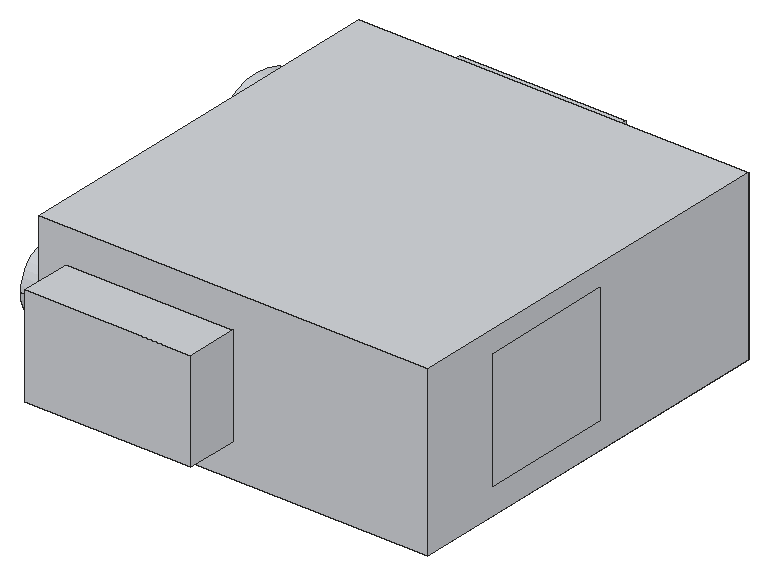
Revit family "2866995f801b47318b61aad0f868fc0e", category Mechanical Equipment, Revit 2021
Family settings
  Round Connector Dimension = Use Radius
  Part Type = Normal
  OmniClass Number = 23.75.70.21.24.14
  OmniClass Title = Variable Volume Air Terminal Units
  Seek Item ID = Terminal Unit - Fan Powered - Digital Controlled - IAQ-0000-USA-ENU
  Work Plane-Based = No
  Always vertical = Yes
  Cut with Voids When Loaded = No
  Shared = No
  Room Calculation Point = No
Parameters (values of type "Unit Size 7")
  Width = 4' - 0 1/8"
  Voltage = 208 V
  Unit Pressure Drop [instance] = 0.15 in-wg
  Supply Airflow [instance] = 2400 CFM
  Primary Air Airflow [instance] = Supply Airflow * 0.5  # 1200 CFM
  Poles = 3
  Load Classification = Cooling
  Load = 2800.0 VA
  Length = 3' - 10 7/8"
  Induced Air Airflow [instance] = Supply Airflow * 0.4  # 960 CFM
  IAQ Air Airflow [instance] = Supply Airflow * 0.1  # 240 CFM
  Height = 1' - 8 1/8"
  HP = 1.000 VA
  Dimension R = 0' - 10"
  Dimension P = 0' - 5 1/2"
  Dimension N = 0' - 6 7/8"
  Dimension M = 0' - 11"
  Dimension K = 0' - 2 1/2"
  Dimension J = 1' - 2 1/2"
  Dimension G = 0' - 9 1/2"
  Dimension F = 1' - 4 1/2"
  Dimension E = 1' - 5 1/2"
  Dimension D2 Radius = Dimension D2 Diameter / 2  # 4"
  Dimension D2 Diameter = 8"
  Dimension D Radius = Dimension D Diameter / 2  # 8"
  Dimension D Diameter = 16"
  Dimension C = 1' - 6 1/8"
  Dimension B = 0' - 10 1/8"
  Dimension A = 0' - 11"
  Default Elevation = 0' - 0"
  Assembly Code = ""
Types (5): name | Width | Voltage | Unit Pressure Drop | Supply Airflow | Primary Air Airflow | Poles | Load | Length | Induced Air Airflow | IAQ Air Airflow | Height | HP | Dimension R | Dimension P | Dimension N | Dimension M | Dimension K | Dimension J | Dimension G | Dimension F | Dimension E | Dimension D2 Radius | Dimension D2 Diameter | Dimension D Radius | Dimension D Diameter | Dimension C | Dimension B | Dimension A
  Unit Size 3 | 3' - 0 1/8" | 115 V | 0.19 in-wg | 900 CFM | 450 CFM | 1 | 500.0 VA | 3' - 4 7/8" | 360 CFM | 90 CFM | 1' - 5 1/8" | 0.167 VA | 0' - 8 1/2" | 0' - 5" | 0' - 2 7/8" | 0' - 8 3/4" | 0' - 4" | 0' - 11" | 0' - 3 1/2" | 1' - 2" | 1' - 2 1/2" | 2" | 4" | 4" | 8" | 0' - 10 1/8" | 0' - 8 1/2" | 0' - 6"
  Unit Size 4 | 3' - 0 1/8" | 115 V | 0.17 in-wg | 1300 CFM | 650 CFM | 1 | 1000.0 VA | 3' - 4 7/8" | 520 CFM | 130 CFM | 1' - 5 1/8" | 0.333 VA | 0' - 8 1/2" | 0' - 5" | 0' - 4 7/8" | 0' - 8 3/4" | 0' - 4" | 0' - 11" | 0' - 3 1/2" | 1' - 2" | 1' - 2 1/2" | 3" | 6" | 5" | 10" | 0' - 10 1/8" | 0' - 8 1/2" | 0' - 7"
  Unit Size 5 | 4' - 0 1/8" | 115 V | 0.16 in-wg | 1500 CFM | 750 CFM | 1 | 1200.0 VA | 3' - 10 7/8" | 600 CFM | 150 CFM | 1' - 8 1/8" | 0.333 VA | 0' - 10" | 0' - 5 1/2" | 0' - 4 7/8" | 0' - 11" | 0' - 2 1/2" | 1' - 2 1/2" | 0' - 9 1/2" | 1' - 4 1/2" | 1' - 5 1/2" | 4" | 8" | 6" | 12" | 1' - 6 1/8" | 0' - 10 1/8" | 0' - 8"
  Unit Size 6 | 4' - 0 1/8" | 115 V | 0.17 in-wg | 2000 CFM | 1000 CFM | 1 | 1400.0 VA | 3' - 10 7/8" | 800 CFM | 200 CFM | 1' - 8 1/8" | 0.750 VA | 0' - 10" | 0' - 5 1/2" | 0' - 6 7/8" | 0' - 11" | 0' - 2 1/2" | 1' - 2 1/2" | 0' - 9 1/2" | 1' - 4 1/2" | 1' - 5 1/2" | 4" | 8" | 7" | 14" | 1' - 6 1/8" | 0' - 10 1/8" | 0' - 10"
  Unit Size 7 | 4' - 0 1/8" | 208 V | 0.15 in-wg | 2400 CFM | 1200 CFM | 3 | 2800.0 VA | 3' - 10 7/8" | 960 CFM | 240 CFM | 1' - 8 1/8" | 1.000 VA | 0' - 10" | 0' - 5 1/2" | 0' - 6 7/8" | 0' - 11" | 0' - 2 1/2" | 1' - 2 1/2" | 0' - 9 1/2" | 1' - 4 1/2" | 1' - 5 1/2" | 4" | 8" | 8" | 16" | 1' - 6 1/8" | 0' - 10 1/8" | 0' - 11"
Reference planes (in)
  plane 1 "Center (Front/Back)": y = 0
  plane 2: z = 0
  plane 3 "Center (Left/Right)": x = 0
  plane 4 "Width": y = 48.125
  plane 5 "Length": x = -46.875
  plane 6: z = 20.125
  plane 7: x = -46.625
  plane 8: x = -0.25
  plane 9: y = 9.5
  plane 10: y = 26
  plane 11: z = 17.625
  plane 12: z = 3.125
  plane 13 "N": x = -39.75
  plane 14: x = -19.75
  plane 15: y = 54.375
  plane 16: z = 10.0625
  plane 17: z = 16.0625
  plane 18: z = 4.0625
  plane 19: y = 37.125
  plane 20: z = 10.125
  plane 21: x = -50.25
  plane 22: y = 5.5
  plane 23: y = 11
  plane 24: y = 29.125
  plane 25: z = 10.0625
  plane 26: z = 18.8125
  plane 27: z = 10
  plane 28: z = 1.3125
  plane 29: x = -43.5
  plane 30: x = -23.5
  plane 31: y = -6.25
  plane 32: y = 45.12776
  plane 33: y = 9.5
  plane 34: y = 29.12776
  plane 35: y = 1.5
Forms (in)
  Extrusion 1, solid
    sketch origin (0, 0, 0) x (1, 0, 0) y (0, 1, 0)
      loop
        line (-46.875, 48.125) -> (-46.875, 0) -> (0, 0) -> (0, 48.125) -> (-46.875, 48.125)
    from 0 to 20.125
  Extrusion 2, void
    sketch origin (0, 0, 0) x (0, 1, 0) y (0, 0, 1)
      loop
        line (9.5, 17.625) -> (9.5, 3.125) -> (26, 3.125) -> (26, 17.625) -> (9.5, 17.625)
    from 0 to -0.25
  Extrusion 3, solid
    sketch origin (-2, 0, 0) x (1, 0, 0) y (0, 1, 0)
      loop
        line (-37.75, 54.375) -> (-37.75, 48.125) -> (-17.75, 48.125) -> (-17.75, 54.375) -> (-37.75, 54.375)
    from 4.0625 to 16.0625
  Extrusion 4, solid
    sketch origin (0, 0, 0) x (0, 1, 0) y (0, 0, 1)
      loop
        circle (37.125, 10.125) r 8
    from -50.25 to -46.875
  Extrusion 5, void
    sketch origin (0, 0, 0) x (0, 1, 0) y (0, 0, 1)
      loop
        line (29.125, 18.8125) -> (11, 18.8125) -> (11, 1.3125) -> (29.125, 1.3125) -> (29.125, 18.8125)
    from -46.875 to -46.625
  Extrusion 6, solid
    sketch origin (0, 0, 0) x (0, 1, 0) y (0, 0, 1)
      loop
        circle (5.5, 10) r 4
    from -46.875 to -50.25
  Extrusion 7, solid
    sketch origin (0, 0, 0) x (1, 0, 0) y (0, 1, 0)
      loop
        line (-43.5, 0) -> (-43.5, -6.25) -> (-23.5, -6.25) -> (-23.5, 0) -> (-43.5, 0)
    from 4.0625 to 16.0625
  Extrusion 8, solid
    sketch origin (0, 0, 0) x (1, 0, 0) y (0, 1, 0)
      loop
        line (-46.875, 48.125) -> (-46.875, 0) -> (0, 0) -> (0, 48.125) -> (-46.875, 48.125)
    from 0 to 20.125
  Extrusion 9, solid
    sketch origin (0, 0, 0) x (1, 0, 0) y (0, 1, 0)
      loop
        line (-46.875, 48.125) -> (-46.875, 0) -> (0, 0) -> (0, 48.125) -> (-46.875, 48.125)
    from 0 to 20.125
Cuts and joins
  Extrusion 2, Extrusion 5 cuts Extrusion 1
Lines and regions (in)
  model lines
    curve 1: line (-39.75, 48.125, 0) -> (-19.75, 48.125, 0)
    curve 2: line (0, 26, 0) -> (0, 9.5, 0)
    curve 3: line (-46.875, 29.125, 0) -> (-46.875, 11, 0)
    curve 4: line (-43.5, 0, 0) -> (-23.5, 0, 0)
Dimensions and locks (in)
  "Length": plane 5 "Length" to plane 3 "Center (Left/Right)"
  plane 4 "Width" to plane 1 "Center (Front/Back)" = 4' - 0 1/8"
  "Height": plane 6 to level
  locked: plane 5 "Length" to plane 7 at 0.25
  locked: plane 8 to plane 3 "Center (Left/Right)" at 0.25
  "Dimension G": plane 1 "Center (Front/Back)" to plane 9
  "Dimension F": plane 9 to plane 10
  "Dimension K": plane 6 to plane 11
  "Dimension J": plane 11 to plane 12
  "Dimension N": plane 7 to plane 13 "N"
  locked: plane 13 "N" to plane 14 at 20
  locked: plane 15 to plane 4 "Width" at 6.25
  equal spacing: plane 6, plane 16, level
  equal spacing: plane 17, plane 16, plane 18
  locked: plane 17 to plane 18 at 12
  "Dimension A": plane 4 "Width" to plane 19
  "Dimension B": plane 20 to level
  locked: plane 21 to plane 5 "Length" at 3.375
  "Dimension P": plane 22 to plane 1 "Center (Front/Back)"
  "Dimension C": plane 24 to plane 23
  equal spacing: plane 6, plane 25, level
  "Dimension R": plane 27 to level
  "Dimension M": plane 23 to plane 1 "Center (Front/Back)"
  equal spacing: plane 28, plane 25, plane 26
  "Dimension E": plane 28 to plane 26
  locked: plane 5 "Length" to plane 29 at 3.375
  locked: plane 29 to plane 30 at 20
  locked: plane 31 to plane 1 "Center (Front/Back)" at 6.25
  "Width": plane 4 "Width" to plane 1 "Center (Front/Back)"
  "Dimension D Radius": radius of Extrusion 4 sketch curve
  "Dimension D2 Radius": radius of Extrusion 6 sketch curve
  aligned and locked: plane 5 "Length" to Extrusion 1 sketch curve
  aligned and locked: Extrusion 1 sketch curve to plane 4 "Width"
  aligned and locked: plane 1 "Center (Front/Back)" to Extrusion 1 sketch curve
  aligned and locked: Extrusion 1 sketch curve to plane 3 "Center (Left/Right)"
  aligned and locked: Extrusion 1 to plane 6
  aligned and locked: plane 9 to Extrusion 2 sketch curve
  aligned and locked: Extrusion 2 sketch curve to plane 11
  aligned and locked: plane 12 to Extrusion 2 sketch curve
  aligned and locked: Extrusion 2 sketch curve to plane 10
  aligned and locked: Extrusion 2 to plane 8
  aligned and locked: plane 13 "N" to Extrusion 3 sketch curve
  aligned and locked: Extrusion 3 sketch curve to plane 15
  aligned and locked: plane 4 "Width" to Extrusion 3 sketch curve
  aligned and locked: Extrusion 3 sketch curve to plane 14
  aligned and locked: plane 17 to Extrusion 3
  aligned and locked: plane 18 to Extrusion 3
  aligned and locked: Extrusion 4 to plane 21
  aligned and locked: Extrusion 4 to cut or joined group of Extrusion 1, Extrusion 2, Extrusion 5
  aligned and locked: plane 24 to Extrusion 5 sketch curve
  aligned and locked: Extrusion 5 sketch curve to plane 26
  aligned and locked: plane 28 to Extrusion 5 sketch curve
  aligned and locked: Extrusion 5 sketch curve to plane 23
  aligned and locked: cut or joined group of Extrusion 1, Extrusion 2, Extrusion 5 to plane 5 "Length"
  aligned and locked: plane 7 to cut or joined group of Extrusion 1, Extrusion 2, Extrusion 5
  aligned and locked: Extrusion 6 to plane 21
  aligned and locked: plane 5 "Length" to Extrusion 6
  aligned and locked: plane 29 to Extrusion 7 sketch curve
  aligned and locked: plane 1 "Center (Front/Back)" to Extrusion 7 sketch curve
  aligned and locked: plane 31 to Extrusion 7 sketch curve
  aligned and locked: plane 30 to Extrusion 7 sketch curve
  aligned and locked: plane 17 to Extrusion 7
  aligned and locked: Extrusion 7 to plane 18
  aligned and locked: plane 13 "N" to curve 1
  aligned and locked: plane 14 to Extrusion 3
  aligned and locked: curve 2 to cut or joined group of Extrusion 1, Extrusion 2, Extrusion 5
  aligned and locked: plane 10 to curve 2
  aligned and locked: plane 9 to curve 2
  aligned and locked: curve 3 to cut or joined group of Extrusion 1, Extrusion 2, Extrusion 5
  aligned and locked: cut or joined group of Extrusion 1, Extrusion 2, Extrusion 5 to curve 3
  aligned and locked: plane 23 to curve 3
  aligned and locked: curve 4 to Extrusion 7  (x2)
  aligned and locked: plane 30 to curve 4
  aligned and locked: curve 1 to Extrusion 3
  aligned and locked: plane 14 to curve 1
  aligned and locked: Extrusion 8 sketch curve to cut or joined group of Extrusion 1, Extrusion 2, Extrusion 5  (x3)
  aligned and locked: cut or joined group of Extrusion 1, Extrusion 2, Extrusion 5 to Extrusion 8 sketch curve
  aligned and locked: plane 6 to Extrusion 8
  aligned and locked: Extrusion 9 sketch curve to cut or joined group of Extrusion 1, Extrusion 2, Extrusion 5  (x3)
  aligned and locked: cut or joined group of Extrusion 1, Extrusion 2, Extrusion 5 to Extrusion 9 sketch curve
  aligned and locked: plane 6 to Extrusion 9
  aligned and locked: plane 19 to Extrusion 4 sketch curve
  aligned and locked: plane 20 to Extrusion 4 sketch curve
  aligned and locked: plane 22 to Extrusion 6 sketch curve
  aligned and locked: plane 27 to Extrusion 6 sketch curve
Connectors (in)
  electrical at (-29.75, 51.25, 16.0625), driven by "Load", driven by "Voltage", driven by "Poles", driven by "Load Classification"
    settings: on Extrusion 3, index 1, voltage 208 V, apparent load 2800.0 VA, apparent load phase1 2800.0 VA, apparent load phase2 0.0 VA, apparent load phase3 0.0 VA, power factor 0.8, load classification "Cooling", number of poles 3, system type 31, power factor state 1, is connector primary yes, connector utility no, sub classification motor no, connector description ""
  hvac at (-50.25, 37.125, 10.125), driven by "Primary Air Airflow", driven by "Dimension D Radius"
    settings: on Extrusion 4, index 2, duct flow 1200 CFM, flow factor 0, pres drop 0.00 in-wg, loss coef 0, conn angle 0.00°, conn width 12", conn height 12", conn diameter 16", duct sys type 1, conn prof type 0, flow config 0, flow direction 1, loss method 4, conn ref index -1, conn util no, is conn primary no, conn desc ""
  hvac at (-46.625, 20.0625, 10.0625), driven by "Induced Air Airflow", driven by "Dimension E", driven by "Dimension C"
    settings: on cut or joined group of Extrusion 1, Extrusion 2, Extrusion 5, index 3, duct flow 960 CFM, flow factor 0, pres drop 0.00 in-wg, loss coef 0, conn angle 0.00°, conn width 18 1/8", conn height 17 1/2", conn diameter 24", duct sys type 2, conn prof type 1, flow config 0, flow direction 1, loss method 4, conn ref index -1, conn util no, is conn primary no, conn desc ""
  hvac at (-0.25, 17.75, 10.375), driven by "Supply Airflow", driven by "Dimension J", driven by "Dimension F", driven by "Unit Pressure Drop"
    settings: on cut or joined group of Extrusion 1, Extrusion 2, Extrusion 5, index 4, duct flow 2400 CFM, flow factor 0, pres drop 0.15 in-wg, loss coef 0, conn angle 0.00°, conn width 16 1/2", conn height 14 1/2", conn diameter 24", duct sys type 1, conn prof type 1, flow config 0, flow direction 2, loss method 4, conn ref index -1, conn util no, is conn primary yes, conn desc ""
  hvac at (-50.25, 5.5, 10), driven by "IAQ Air Airflow", driven by "Dimension D2 Radius"
    settings: on Extrusion 6, index 5, duct flow 240 CFM, flow factor 0, pres drop 0.00 in-wg, loss coef 0, conn angle 0.00°, conn width 12", conn height 12", conn diameter 8", duct sys type 1, conn prof type 0, flow config 0, flow direction 1, loss method 4, conn ref index -1, conn util no, is conn primary no, conn desc ""
